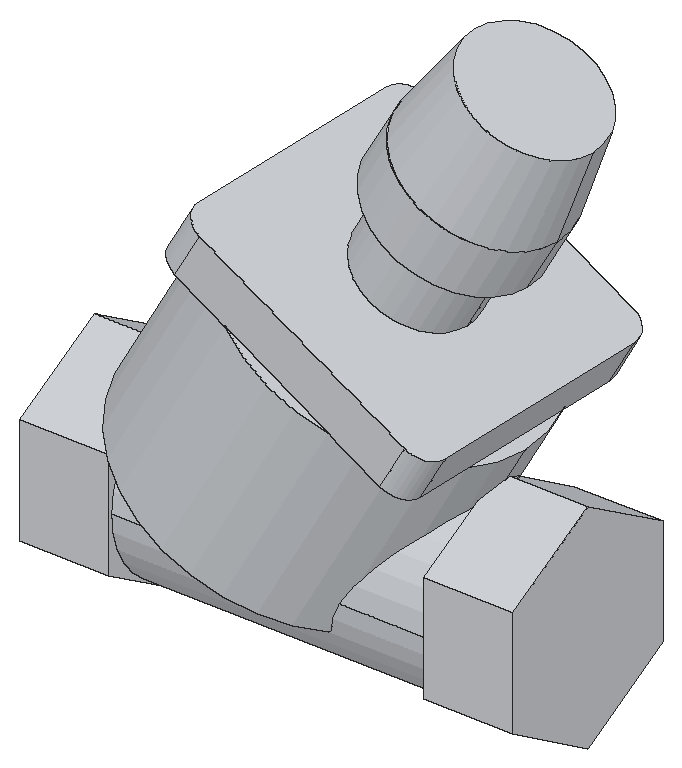
Revit family "OPTIMA_Compact_FF_DN25_5,5_RFA_2019", category Pipe Accessories, Revit 2019
Family settings
  Round Connector Dimension = Use Diameter
  Part Type = Valve - Breaks Into
  Work Plane-Based = No
  Always vertical = Yes
  Cut with Voids When Loaded = No
  Shared = No
Parameters (values of type "OPTIMA Compact DN25 F-F 5.5mm")
  magiProductId = "a6a3417af38f4ebebee56b059e5e27"
  magiProductFamilyId = "52eeb9fa0c9d42c987a78ea14b42d3"
  magiPartTypeId = 304
  isMeasuringValve [instance] = no
  ang2D [instance] = 0.00°
  Z = 0 mm
  X = 13 mm
  W2D = 32 mm
  VersionID = "2.0/2018.8.28.1/FRESE_OPTIMA-COMPACT-FF_001"
  Use Minimum Symbol Size [instance] = yes
  URL = "www.hydronix.cz"
  Type Comments = "vnitřní závit; PN25; 0~120°C, bez měřicích vsuvek"
  R9 = 8 mm
  R8 = 14 mm
  R7 = 17 mm
  R6 = 12 mm
  R5 = 5 mm
  R4 = 29 mm
  R3 = 31.5 mm
  R2 = 18.5 mm
  R1 = 22 mm
  QmdConnectorList = "301;D;302;D"
  Productdata [instance] = ""
  PLG0 = no
  Manufacturer = "Hydronix"
  MC Product Code = "53-1353  (1\" F-F; 5.5mm; Qmin-dpmin 600l/h-17.3kPa; Qmax-dpmin 3609l/h-23.0Pa; dpmax 800kPa)"
  MC Piping Given Pressure Drop [instance] = 0.0 Pa
  LL = 50 mm
  L3 = 12.5 mm
  L2D_Min = 3048 mm
  L2D = 104 mm
  L2 = 64 mm
  L1__ve = -L1  # -18 mm
  L1 = 18 mm
  H6__ve = -H6  # -64 mm
  H6 = 64 mm
  H5 = 20 mm
  H4 = 12 mm
  H3 = 16 mm
  H2 = 10 mm
  H1 = 43 mm
  Description = "Tlakově nezávislý 2-cestný regulační vyvažovací ventil (PICV)"
  D = 25 mm
  CenSd_R1_6 = R1 * cos(30.00°)  # 19.053 mm
  A = 30.00°
Types (6, lengths in mm): name | magiProductId | Z | X | R4 | R3 | R2 | R1 | MC Product Code | LL | L3 | L2 | L1__ve | L1 | H6__ve | H6 | H3 | H2 | H1 | D | CenSd_R1_6
  OPTIMA Compact DN32 F-F 5.5mm | "b339906595e54d959f7e36e14a5078" | 1 | 13 | 29 | 31.5 | 22 | 26 | "53-1354  (5/4\" F-F; 5.5mm; Qmin-dpmin 550l/h-17.9kPa; Qmax-dpmin 4001l/h-28.0kPa; dpmax 800kPa)" | 52 | 12.5 | 66.56 | -18.72 | 18.72 | -68 | 68 | 16 | 10 | 46 | 32 | 22.517
  OPTIMA Compact DN15 F-F 2.5mm | "1f59e983221c4705b905dca277ac1b" | 0 | 7 | 19 | 19 | 12 | 15 | "53-1344  (1/2\" F-F; 2.5mm; Qmin-dpmin 100l/h-14.9kPa; Qmax-dpmin 575l/h-18.5kPa; dpmax 800kPa)" | 37.5 | 11 | 48 | -13.5 | 13.5 | -57 | 57 | 18 | 8 | 26 | 15 | 12.99
  OPTIMA Compact DN15 F-F 5.0mm | "ed735bb751334d9b9367ccb2001bd8" | 0 | 7 | 19 | 19 | 12 | 15 | "53-1345  (1/2\" F-F; 5.0mm; Qmin-dpmin 220l/h-16.0kPa; Qmax-dpmin 1330l/h-21.6Pa; dpmax 800kPa)" | 37.5 | 11 | 48 | -13.5 | 13.5 | -57 | 57 | 18 | 8 | 26 | 15 | 12.99
  OPTIMA Compact DN20 F-F 5.0mm | "3fe8f468b8a34e8b9375925b2f5228" | 0 | 10 | 19 | 19 | 13.5 | 17.5 | "53-1348  (3/4\" F-F; 5.0mm; Qmin-dpmin 220l/h-16.0kPa; Qmax-dpmin 1330l/h-21.6Pa; dpmax 800kPa)" | 39.5 | 11 | 50.56 | -14.22 | 14.22 | -59.5 | 59.5 | 18 | 8 | 26 | 20 | 15.155
  OPTIMA Compact DN20 F-F 5.5mm | "3f04956b0a9346f48e327241883a91" | 0 | 10 | 19 | 19 | 13.5 | 17.5 | "53-1318  (3/4\" F-F; 5.5mm; Qmin-dpmin 300l/h-17.8kPa; Qmax-dpmin 1800l/h-40.0Pa; dpmax 800kPa)" | 39.5 | 11 | 50.56 | -14.22 | 14.22 | -59.5 | 59.5 | 18 | 8 | 26 | 20 | 15.155
  OPTIMA Compact DN25 F-F 5.5mm | "a6a3417af38f4ebebee56b059e5e27" | 0 | 13 | 29 | 31.5 | 18.5 | 22 | "53-1353  (1\" F-F; 5.5mm; Qmin-dpmin 600l/h-17.3kPa; Qmax-dpmin 3609l/h-23.0Pa; dpmax 800kPa)" | 50 | 12.5 | 64 | -18 | 18 | -64 | 64 | 16 | 10 | 43 | 25 | 19.053
Reference planes
  plane 1 "Center (Front/Back)": y = 0
  plane 2 "XYPLANE": z = 0
  plane 3 "Center (Left/Right)": x = 0
  plane 4 "267": x = 12.5
  plane 5 "266": x = -12.5
  plane 6 "252": through (-599.019, 0, 462.469) normal (0.5, 0, 0.866)
  plane 7 "250": through (-609.019, 0, 445.148) normal (0.5, 0, 0.866)
  plane 8 "248": through (-615.019, 0, 434.756) normal (0.5, 0, 0.866)
  plane 9 "245": through (-623.019, 0, 420.899) normal (0.5, 0, 0.866)
  plane 10 "241": through (338.627, 0, 670.519) normal (0.866, 0, -0.5)
  plane 11 "240": through (388.856, 0, 641.519) normal (0.866, 0, -0.5)
  plane 12 "239": y = -29
  plane 13 "238": y = 29
  plane 14 "237": through (-628.019, 0, 412.239) normal (0.5, 0, 0.866)
  plane 15 "235": through (-649.519, 0, 375) normal (0.5, 0, 0.866)
  plane 16 "231": y = 0
  plane 17 "230": through (363.742, 0, 656.019) normal (0.866, 0, -0.5)
  plane 18 "211": x = -32
  plane 19 "204": x = 50
  plane 20 "203": x = -50
  plane 21 "202": x = 0
  plane 22 "201": z = 0
  plane 23 "200": y = 0
  plane 24 "227XY": through (-649.519, 0, 375) normal (0.5, 0, 0.866)
  plane 25 "227XZ": y = 0
  plane 26 "227YZ": through (375, 0, 649.519) normal (0.866, 0, -0.5)
Forms (mm)
  Extrusion 1, solid
    sketch origin (50, -750, 0) x (0, 1, 0) y (0, 0, 1)
      loop
        line (750, 22) -> (730.947, 11) -> (730.947, -11) -> (750, -22) -> (769.053, -11) -> (769.053, 11) -> (750, 22)
    from 0 to -18 <- "L1__ve"
  Extrusion 2, solid
    sketch origin (-50, -750, 0) x (0, 1, 0) y (0, 0, 1)
      loop
        line (750, 22) -> (730.947, 11) -> (730.947, -11) -> (750, -22) -> (769.053, -11) -> (769.053, 11) -> (750, 22)
    from 0 to 18 <- "L1"
  Extrusion 3, solid, visible <- "PLG0"
    sketch origin (-750, 0, 0) x (1, 0, 0) y (0, 1, 0)
      loop
        circle (762.5, 0) r 8
    from 0 to -64 <- "H6__ve"
  Extrusion 4, solid, visible <- "PLG0"
    sketch origin (-750, 0, 0) x (1, 0, 0) y (0, 1, 0)
      loop
        circle (737.5, 0) r 8
    from 0 to -64 <- "H6__ve"
  Blend 5, solid
    base sketch origin (-609.019, 0, 445.148) x (0.866025, 0, -0.5) y (0, 1, 0)
      loop
        circle (737, 0) r 17
    top sketch origin (-609.019, 0, 445.148) x (0.866025, 0, -0.5) y (0, 1, 0)
      loop
        circle (737, 0) r 14
    from 0 to 20
  Extrusion 6, solid
    sketch origin (-615.019, 0, 434.756) x (0.866025, 0, -0.5) y (0, 1, 0)
      loop
        circle (737, 0) r 17
    from 0 to 12 <- "H4"
  Extrusion 7, solid
    sketch origin (-623.019, 0, 420.899) x (0.866025, 0, -0.5) y (0, 1, 0)
      loop
        circle (737, 0) r 12
    from 0 to 16 <- "H3"
  Extrusion 8, solid
    sketch origin (-628.019, 0, 412.239) x (0.866025, 0, -0.5) y (0, 1, 0)
      loop
        arc (713, 29) -> (709.464, 27.536) -> (708, 24) r 5
        line (708, 24) -> (708, -24)
        arc (708, -24) -> (709.464, -27.536) -> (713, -29) r 5
        line (713, -29) -> (761, -29)
        arc (761, -29) -> (764.536, -27.536) -> (766, -24) r 5
        line (766, -24) -> (766, 24)
        arc (766, 24) -> (764.536, 27.536) -> (761, 29) r 5
        line (761, 29) -> (713, 29)
    from 0 to 10 <- "H2"
  Extrusion 9, solid
    sketch origin (-649.519, 0, 375) x (0.866025, 0, -0.5) y (0, 1, 0)
      loop
        circle (737, 0) r 31.5
    from 0 to 43 <- "H1"
  Extrusion 10, solid
    sketch origin (-32, -750, 0) x (0, 1, 0) y (0, 0, 1)
      loop
        circle (750, 0) r 18.5
    from 0 to 64 <- "L2"
  Extrusion 11, solid, not visible
    sketch origin (50, -750, 0) x (0, 1, 0) y (0, 0, 1)
      loop
        circle (750, 0) r 10
    from 0 to -10
  Extrusion 12, solid, not visible
    sketch origin (-50, -750, 0) x (0, 1, 0) y (0, 0, 1)
      loop
        circle (750, 0) r 10
    from 0 to 10
Lines and regions (mm)
  reference lines, not visible
    curve 1: circle (2, 2, 0) r 1 normal (0, 0, 1)
  reference lines
    curve 2: line (50, 0, 0) -> (50, -11.258, -6.5)
    curve 3: line (50, 0, 0) -> (50, 0, -13)
    curve 4: line (50, 0, 0) -> (50, 11.258, -6.5)
    curve 5: line (-50, 0, 0) -> (-50, 11.258, -6.5)
    curve 6: line (-50, 0, 0) -> (-50, 0, -13)
    curve 7: line (-50, 0, 0) -> (-50, -11.258, -6.5)
Dimensions and locks
  plane 1 "Center (Front/Back)" to curve 1 = 2 mm
  "L3": plane 3 "Center (Left/Right)" to plane 4 "267"
  "L3": plane 3 "Center (Left/Right)" to plane 5 "266"
  "H5": plane 7 "250" to plane 6 "252"
  "H4": plane 8 "248" to plane 7 "250"
  "H3": plane 9 "245" to plane 8 "248"
  "H2": plane 14 "237" to plane 9 "245"
  "R4": plane 17 "230" to plane 10 "241"
  "R4": plane 17 "230" to plane 11 "240"
  "R4": plane 23 "200" to plane 12 "239"
  "R4": plane 23 "200" to plane 13 "238"
  "H1": plane 15 "235" to plane 14 "237"
  "Z": plane 24 "227XY" to plane 15 "235"
  locked: plane 23 "200" to plane 16 "231"
  "X": plane 26 "227YZ" to plane 17 "230"
  "L1": plane 20 "203" to plane 18 "211"
  "LL": plane 3 "Center (Left/Right)" to plane 19 "204"
  "LL": plane 3 "Center (Left/Right)" to plane 20 "203"
  locked: plane 3 "Center (Left/Right)" to plane 21 "202"
  locked: plane 2 "XYPLANE" to plane 22 "201"
  locked: plane 1 "Center (Front/Back)" to plane 23 "200"
  "CenSd_R1_6": curve 2 to Extrusion 1 sketch curve  (x2)
  "CenSd_R1_6": curve 3 to Extrusion 1 sketch curve  (x2)
  "CenSd_R1_6": curve 4 to Extrusion 1 sketch curve  (x2)
  Extrusion 1 sketch curve to Extrusion 1 sketch curve = 0 mm  (x12)
  "CenSd_R1_6": curve 5 to Extrusion 2 sketch curve  (x2)
  "CenSd_R1_6": curve 6 to Extrusion 2 sketch curve  (x2)
  "CenSd_R1_6": curve 7 to Extrusion 2 sketch curve  (x2)
  Extrusion 2 sketch curve to Extrusion 2 sketch curve = 0 mm  (x12)
  Extrusion 8 sketch curve to Extrusion 8 sketch curve = 0 mm  (x16)
  "R9": radius of Extrusion 3 sketch curve
  "R9": radius of Extrusion 4 sketch curve
  "R8": radius of Blend 5 sketch curve
  "R7": radius of Blend 5 sketch curve
  "R7": radius of Extrusion 6 sketch curve
  "R6": radius of Extrusion 7 sketch curve
  "R5": radius of Extrusion 8 sketch curve  (x4)
  "R3": radius of Extrusion 9 sketch curve
  "R2": radius of Extrusion 10 sketch curve
  locked: curve 3 to curve 2 (angle 60.00°)
  locked: curve 4 to curve 3 (angle 60.00°)
  locked: curve 4 to curve 2 (angle 120.00°)
  locked: curve 6 to curve 5 (angle 60.00°)
  locked: curve 7 to curve 6 (angle 60.00°)
  locked: curve 7 to curve 5 (angle 120.00°)
  aligned and locked: level to plane 2 "XYPLANE"
  aligned and locked: plane 22 "201" to curve 4
  aligned and locked: curve 4 to plane 23 "200"
  aligned and locked: plane 22 "201" to curve 7
  aligned and locked: curve 7 to plane 23 "200"
  aligned and locked: plane 4 "267" to Extrusion 3 sketch curve
  aligned and locked: plane 23 "200" to Extrusion 3 sketch curve
  aligned and locked: plane 5 "266" to Extrusion 4 sketch curve
  aligned and locked: plane 23 "200" to Extrusion 4 sketch curve
  aligned and locked: plane 16 "231" to Blend 5 sketch curve  (x2)
  aligned and locked: Blend 5 sketch curve to plane 17 "230"  (x2)
  aligned and locked: plane 6 "252" to Blend 5
  aligned and locked: plane 16 "231" to Extrusion 6 sketch curve
  aligned and locked: Extrusion 6 sketch curve to plane 17 "230"
  aligned and locked: plane 16 "231" to Extrusion 7 sketch curve
  aligned and locked: Extrusion 7 sketch curve to plane 17 "230"
  aligned and locked: Extrusion 8 sketch curve to plane 10 "241"
  aligned and locked: Extrusion 8 sketch curve to plane 12 "239"
  aligned and locked: Extrusion 8 sketch curve to plane 11 "240"
  aligned and locked: plane 13 "238" to Extrusion 8 sketch curve
  aligned and locked: plane 16 "231" to Extrusion 9 sketch curve
  aligned and locked: Extrusion 9 sketch curve to plane 17 "230"
  aligned and locked: plane 22 "201" to Extrusion 10 sketch curve
  aligned and locked: Extrusion 10 sketch curve to plane 23 "200"
  aligned and locked: plane 22 "201" to Extrusion 11 sketch curve
  aligned and locked: Extrusion 11 sketch curve to plane 23 "200"
  aligned and locked: plane 22 "201" to Extrusion 12 sketch curve
  aligned and locked: Extrusion 12 sketch curve to plane 23 "200"
Automatic sketch dimensions
  plane 1 "Center (Front/Back)" to Extrusion 11 sketch curve = 10 mm
  plane 1 "Center (Front/Back)" to Extrusion 12 sketch curve = 10 mm
  plane 3 "Center (Left/Right)" to curve 1 = 2 mm
  radius of curve 1 = 1 mm
Connectors
  piping at (-50, 0, 0), diameter 25, driven by "D"
    settings: on Extrusion 12, index 1, connector inside diameter 609.6 mm, connector length 0 mm, flow factor 0, pipe flow 0.0 L/s, pressure drop 0.0 Pa, fitting loss kfactor 0, connector angle 0.00°, fixture units 0, engagement length 0 mm, angle of deflection 0.00°, flow configuration 0, flow direction 0, fitting loss method 0, system type 29, joint type 0, gender type 0, connector reference index 2, connector utility 0, adjustable connector no, is connector primary yes, connector description ""
  piping at (50, 0, 0), diameter 25, driven by "D"
    settings: on Extrusion 11, index 2, connector inside diameter 609.6 mm, connector length 0 mm, flow factor 0, pipe flow 0.0 L/s, pressure drop 0.0 Pa, fitting loss kfactor 0, connector angle 0.00°, fixture units 0, engagement length 0 mm, angle of deflection 0.00°, flow configuration 0, flow direction 0, fitting loss method 0, system type 29, joint type 0, gender type 0, connector reference index 1, connector utility 0, adjustable connector no, is connector primary no, connector description ""
